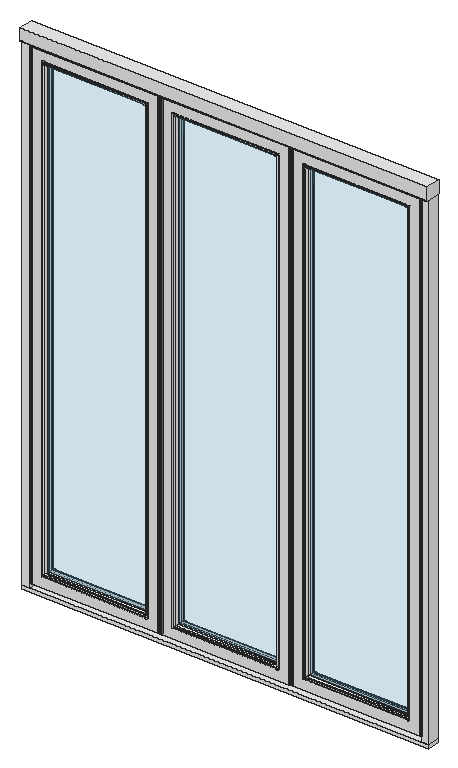
Revit family "98131", category Windows, host Wall, Revit 2018 (continued)
Definition of nested family "Sill_WA-67"
  Definition of nested family "Sill_Nana_Walls-WD-67"
    Lines and regions (in)
      model lines, in view "Ref. Level"
        curve 13: line (0.45276, 0.5315, 0) -> (0.45276, 0.72047, 0)
        curve 14: line (0.45276, 0.72047, 0) -> (0.33517, 0.65354, 0)
        curve 15: line (0.33517, 0.65354, 0) -> (0.05906, 0.65354, 0)
        curve 16: line (0.05906, 0.65354, 0) -> (-0.21706, 0.65354, 0)
        curve 17: line (-0.21706, 0.65354, 0) -> (-0.33465, 0.72047, 0)
        curve 18: line (-0.33465, 0.72047, 0) -> (-0.33465, 0.5315, 0)
        curve 19: line (-0.33465, 0.5315, 0) -> (-0.23622, 0.56774, 0)
        curve 20: line (-0.23622, 0.56774, 0) -> (-0.21706, 0.5748, 0)
        curve 21: line (-0.21706, 0.5748, 0) -> (0.05906, 0.5748, 0)
        curve 22: line (0.05906, 0.5748, 0) -> (0.33517, 0.5748, 0)
        curve 23: line (0.33517, 0.5748, 0) -> (0.35433, 0.56774, 0)
        curve 24: line (0.35433, 0.56774, 0) -> (0.35433, 0.45276, 0)
        curve 25: line (0.35433, 0.45276, 0) -> (0.45276, 0.45276, 0)
        curve 26: line (0.45276, 0.45276, 0) -> (0.45276, 0.33465, 0)
        curve 27: line (0.45276, 0.33465, 0) -> (0.35433, 0.33465, 0)
        curve 28: line (0.35433, 0.33465, 0) -> (0.35433, 0.21966, 0)
        curve 29: line (0.35433, 0.21966, 0) -> (0.33517, 0.2126, 0)
        curve 30: line (0.33517, 0.2126, 0) -> (0.05906, 0.2126, 0)
        curve 31: line (0.05906, 0.2126, 0) -> (-0.21706, 0.2126, 0)
        curve 32: line (-0.21706, 0.2126, 0) -> (-0.23622, 0.21966, 0)
        curve 33: line (-0.23622, 0.21966, 0) -> (-0.33465, 0.25591, 0)
        curve 34: line (-0.33465, 0.25591, 0) -> (-0.33465, 0.06693, 0)
        curve 35: line (-0.33465, 0.06693, 0) -> (-0.21706, 0.13386, 0)
        curve 36: line (-0.21706, 0.13386, 0) -> (0.05906, 0.13386, 0)
        curve 37: line (0.05906, 0.13386, 0) -> (0.33517, 0.13386, 0)
        curve 38: line (0.33517, 0.13386, 0) -> (0.3532, 0.12359, 0)
        curve 39: line (0.3532, 0.12359, 0) -> (0.36402, 0, 0)
        curve 40: line (0.36402, 0, 0) -> (0.5315, 0, 0)
        curve 41: line (0.5315, 0, 0) -> (0.5315, 0.18898, 0)
        curve 42: line (0.5315, 0.18898, 0) -> (0.72835, 0.18898, 0)
        curve 43: line (0.72835, 0.18898, 0) -> (0.72835, 0, 0)
        curve 44: line (0.72835, 0, 0) -> (0.86614, 0, 0)
        curve 45: line (0.86614, 0, 0) -> (0.86614, 0.05906, 0)
        curve 46: line (0.86614, 0.05906, 0) -> (0.7874, 0.05906, 0)
        curve 47: line (0.7874, 0.05906, 0) -> (0.7874, 0.18898, 0)
        curve 48: line (0.7874, 0.18898, 0) -> (1.2874, 0.18898, 0)
        curve 49: line (1.2874, 0.18898, 0) -> (1.2874, 0.05906, 0)
        curve 50: line (1.2874, 0.05906, 0) -> (1.16142, 0.05906, 0)
        curve 51: line (1.16142, 0.05906, 0) -> (1.16142, 0, 0)
        curve 52: line (1.16142, 0, 0) -> (1.35827, 0, 0)
        curve 53: line (1.35827, 0, 0) -> (1.35827, 0.98425, 0)
        curve 54: line (1.35827, 0.98425, 0) -> (0.5315, 0.98425, 0)
        curve 55: line (0.5315, 0.98425, 0) -> (0.5315, 1.47638, 0)
        curve 56: line (0.61024, 1.47638, 0) -> (0.61024, 1.69291, 0)
        curve 57: line (0.45276, 1.69291, 0) -> (0.45276, 0.77633, 0)
        curve 58: line (0.45276, 0.77633, 0) -> (0.37157, 0.78343, 0)
        curve 59: line (0.36304, 0.77628, 0) -> (0.3532, 0.66381, 0)
        curve 60: line (1.2874, 0.25591, 0) -> (1.2874, 0.91732, 0)
        curve 61: line (1.2874, 0.91732, 0) -> (0.5315, 0.91732, 0)
        curve 62: line (0.5315, 0.91732, 0) -> (0.5315, 0.25591, 0)
        curve 63: line (0.5315, 0.25591, 0) -> (1.2874, 0.25591, 0)
        curve 64: line (0.35433, 0.21966, 0) -> (0.45276, 0.25591, 0)
        curve 65: line (0.45276, 0.25591, 0) -> (0.45276, 0.06693, 0)
        curve 66: line (0.45276, 0.06693, 0) -> (0.3532, 0.12359, 0)
        curve 67: line (-0.23509, 0.66381, 0) -> (-0.24493, 0.77628, 0)
        curve 68: line (-0.25346, 0.78343, 0) -> (-0.33465, 0.77633, 0)
        curve 69: line (-0.33465, 0.77633, 0) -> (-0.33465, 1.53543, 0)
        curve 70: line (-0.23509, 0.12359, 0) -> (-0.24591, 0, 0)
        curve 71: line (-0.24591, 0, 0) -> (-0.41339, 0, 0)
        curve 72: line (-0.41339, 0, 0) -> (-0.41339, 0.18898, 0)
        curve 73: line (-0.41339, 0.18898, 0) -> (-0.61024, 0.18898, 0)
        curve 74: line (-0.61024, 0.18898, 0) -> (-0.61024, 0, 0)
        curve 75: line (-0.61024, 0, 0) -> (-0.74803, 0, 0)
        curve 76: line (-0.74803, 0, 0) -> (-0.74803, 0.05906, 0)
        curve 77: line (-0.74803, 0.05906, 0) -> (-0.66929, 0.05906, 0)
        curve 78: line (-0.66929, 0.05906, 0) -> (-0.66929, 0.18898, 0)
        curve 79: line (-0.66929, 0.18898, 0) -> (-1.16929, 0.18898, 0)
        curve 80: line (-1.16929, 0.18898, 0) -> (-1.16929, 0.05906, 0)
        curve 81: line (-1.16929, 0.05906, 0) -> (-1.04331, 0.05906, 0)
        curve 82: line (-1.04331, 0.05906, 0) -> (-1.04331, 0, 0)
        curve 83: line (-1.04331, 0, 0) -> (-1.24016, 0, 0)
        curve 84: line (-1.24016, 0, 0) -> (-1.24016, 0.86614, 0)
        curve 85: line (-1.47638, 1.10236, 0) -> (-1.47638, 2.3622, 0)
        curve 86: line (-1.29921, 2.5, 0) -> (-1.29921, 2.40157, 0)
        curve 87: line (-1.29921, 2.40157, 0) -> (-1.33858, 2.40157, 0)
        curve 88: line (-1.33858, 2.40157, 0) -> (-1.33858, 2.44882, 0)
        curve 89: line (-1.33858, 2.44882, 0) -> (-1.38976, 2.44882, 0)
        curve 90: line (-1.38976, 2.44882, 0) -> (-1.38976, 2.23228, 0)
        curve 91: line (-1.38976, 2.23228, 0) -> (-1.33858, 2.23228, 0)
        curve 92: line (-1.33858, 2.23228, 0) -> (-1.33858, 2.27953, 0)
        curve 93: line (-1.33858, 2.27953, 0) -> (-1.29921, 2.27953, 0)
        curve 94: line (-1.29921, 2.27953, 0) -> (-1.29921, 2.19291, 0)
        curve 95: line (-1.29921, 2.19291, 0) -> (-1.39764, 2.19291, 0)
        curve 96: line (-1.39764, 2.19291, 0) -> (-1.39764, 1.10236, 0)
        curve 97: line (-1.27953, 0.98425, 0) -> (-0.41339, 0.98425, 0)
        curve 98: line (-0.41339, 0.98425, 0) -> (-0.41339, 1.53543, 0)
        curve 99: line (-1.16929, 0.25591, 0) -> (-1.16929, 0.91732, 0)
        curve 100: line (-1.16929, 0.91732, 0) -> (-0.41339, 0.91732, 0)
        curve 101: line (-0.41339, 0.91732, 0) -> (-0.41339, 0.25591, 0)
        curve 102: line (-0.41339, 0.25591, 0) -> (-1.16929, 0.25591, 0)
        curve 327: line (-1.38976, 2.43504, 0) -> (-1.38976, 2.24606, 0)
        curve 333: line (-1.38976, 2.43504, 0) -> (-1.38976, 2.24606, 0)
      model lines, in view "Ref. Level", visible <- "Half"
        curve 103: arc (0.63055, 5.2426, 0) -> (0.52991, 5.28696, 0) -> (0.42258, 5.31099, 0) r 0.56487
        curve 104: arc (0.43939, 5.01883, 0) -> (0.44273, 5.04333, 0) -> (0.4395, 5.06785, 0) r 0.09317
        curve 105: arc (0.55005, 5.01635, 0) -> (0.56716, 5.02197, 0) -> (0.58245, 5.03149, 0) r 0.07522
        curve 106: arc (0.45876, 4.93422, 0) -> (0.54357, 4.94717, 0) -> (0.59055, 5.01894, 0) r 0.10523
        curve 107: arc (0.53717, 5.03321, 0) -> (0.53835, 5.02076, 0) -> (0.55005, 5.01635, 0) r 0.01181
        curve 108: arc (0.43011, 4.9851, 0) -> (0.43396, 4.95376, 0) -> (0.45876, 4.93422, 0) r 0.04145
        curve 109: arc (0.59055, 5.02751, 0) -> (0.58745, 5.03144, 0) -> (0.58245, 5.03149, 0) r 0.0058
        curve 110: arc (0.42126, 5.2029, 0) -> (0.41501, 5.19981, 0) -> (0.41366, 5.19297, 0) r 0.00787
        curve 111: arc (0.42126, 5.0947, 0) -> (0.41501, 5.09161, 0) -> (0.41366, 5.08477, 0) r 0.00787
        curve 112: arc (0.62611, 5.23038, 0) -> (0.63444, 5.23426, 0) -> (0.63055, 5.2426, 0) r 0.0065
        curve 113: arc (0.61697, 5.2337, 0) -> (0.60024, 5.23216, 0) -> (0.59079, 5.21826, 0) r 0.01969
        curve 114: arc (0.5887, 5.15369, 0) -> (0.58982, 5.16208, 0) -> (0.58268, 5.16664, 0) r 0.00787
        curve 115: arc (0.5887, 5.10591, 0) -> (0.58982, 5.11431, 0) -> (0.58268, 5.11886, 0) r 0.00787
        curve 116: arc (0.58972, 5.05969, 0) -> (0.58937, 5.06735, 0) -> (0.58268, 5.07108, 0) r 0.00787
        curve 117: arc (0.42258, 5.31099, 0) -> (0.41618, 5.30924, 0) -> (0.41339, 5.30322, 0) r 0.00787
        curve 118: arc (-0.77559, 4.2126, 0) -> (-0.80343, 4.20107, 0) -> (-0.81496, 4.17323, 0) r 0.03937
        curve 119: arc (-0.374, 4.05512, 0) -> (-0.34844, 4.05792, 0) -> (-0.32409, 4.06618, 0) r 0.11811
        curve 120: arc (-0.64961, 4.09449, 0) -> (-0.64071, 4.06956, 0) -> (-0.61804, 4.0559, 0) r 0.03937
        curve 121: arc (-0.81496, 4.16142, 0) -> (-0.81265, 4.15585, 0) -> (-0.80709, 4.15354, 0) r 0.00787
        curve 122: arc (-0.34252, 4.46063, 0) -> (-0.38051, 4.48986, 0) -> (-0.42376, 4.51052, 0) r 0.22835
        curve 123: arc (-0.25591, 4.39764, 0) -> (-0.25014, 4.38372, 0) -> (-0.23622, 4.37795, 0) r 0.01969
        curve 124: arc (0.00572, 4.21998, 0) -> (0.03885, 4.24903, 0) -> (0.05118, 4.29134, 0) r 0.07874
        curve 125: arc (0.05118, 4.42126, 0) -> (0.03965, 4.4491, 0) -> (0.01181, 4.46063, 0) r 0.03937
        curve 126: arc (-0.23622, 4.46063, 0) -> (-0.25014, 4.45486, 0) -> (-0.25591, 4.44094, 0) r 0.01969
        curve 127: arc (-0.79189, 4.30313, 0) -> (-0.80302, 4.29044, 0) -> (-0.79555, 4.27531, 0) r 0.01519
        curve 128: arc (-0.76969, 4.26037, 0) -> (-0.76575, 4.26037, 0) -> (-0.76378, 4.26378, 0) r 0.00394
        curve 129: arc (-0.62992, 4.33071, 0) -> (-0.64384, 4.32494, 0) -> (-0.64961, 4.31102, 0) r 0.01969
        curve 130: arc (-0.57624, 4.51052, 0) -> (-0.61949, 4.48986, 0) -> (-0.65748, 4.46063, 0) r 0.22835
        curve 131: line (-0.43336, 4.51055, 0) -> (-0.42376, 4.51052, 0)
        curve 132: line (-0.57624, 4.51052, 0) -> (-0.56664, 4.51055, 0)
        curve 133: line (-0.53688, 4.51055, 0) -> (-0.46312, 4.51055, 0)
        curve 134: arc (-1.03543, 2.66732, 0) -> (-1.01237, 2.61165, 0) -> (-0.95669, 2.58858, 0) r 0.07874
        curve 135: arc (-1.0748, 2.97835, 0) -> (-1.04696, 2.98988, 0) -> (-1.03543, 3.01772, 0) r 0.03937
        curve 136: arc (-1.03543, 3.37205, 0) -> (-1.04696, 3.39989, 0) -> (-1.0748, 3.41142, 0) r 0.03937
        curve 137: arc (-1.08276, 3.61599, 0) -> (-1.09198, 3.63826, 0) -> (-1.11425, 3.64749, 0) r 0.0315
        curve 138: arc (-1.16156, 3.44964, 0) -> (-1.13989, 3.4219, 0) -> (-1.1063, 3.41142, 0) r 0.05906
        curve 139: arc (-1.13394, 3.64749, 0) -> (-1.14999, 3.64309, 0) -> (-1.16156, 3.63113, 0) r 0.0315
        curve 140: line (-1.16156, 3.6018, 0) -> (-1.13386, 3.61937, 0)
        curve 141: line (-1.11417, 3.61937, 0) -> (-1.08268, 3.5856, 0)
        curve 142: arc (-1.11417, 2.74213, 0) -> (-1.0919, 2.75135, 0) -> (-1.08268, 2.77362, 0) r 0.0315
        curve 143: arc (-1.16156, 2.75863, 0) -> (-1.14998, 2.74656, 0) -> (-1.13386, 2.74213, 0) r 0.0315
        curve 144: arc (-1.1063, 2.97835, 0) -> (-1.13989, 2.96786, 0) -> (-1.16156, 2.94012, 0) r 0.05906
        curve 145: line (-1.13386, 2.7704, 0) -> (-1.16156, 2.78796, 0)
        curve 146: line (-1.08268, 2.80416, 0) -> (-1.11417, 2.7704, 0)
        curve 147: line (-0.60585, 2.74, 0) -> (-0.5859, 2.72808, 0)
        curve 148: line (-0.5859, 2.72467, 0) -> (-0.60345, 2.71419, 0)
        curve 149: line (-0.5859, 2.72808, 0) -> (-0.73693, 2.75223, 0)
        curve 150: line (-0.60394, 2.715, 0) -> (-0.71698, 2.7403, 0)
        curve 151: line (-0.71698, 2.7403, 0) -> (-0.73693, 2.75223, 0)
        curve 152: line (-0.68911, 2.75591, 0) -> (-0.60585, 2.74, 0)
        curve 153: arc (-0.8189, 2.5374, 0) -> (-0.78091, 2.50817, 0) -> (-0.73766, 2.48751, 0) r 0.22835
        curve 154: line (-0.72654, 2.70669, 0) -> (-0.7189, 2.7113, 0)
        curve 155: line (-0.72806, 2.48749, 0) -> (-0.73766, 2.48751, 0)
        curve 156: line (-0.62454, 2.48749, 0) -> (-0.6983, 2.48749, 0)
        curve 157: arc (-0.58517, 2.48751, 0) -> (-0.54192, 2.50817, 0) -> (-0.50394, 2.5374, 0) r 0.22835
        curve 158: arc (-0.50394, 2.62795, 0) -> (-0.527, 2.68363, 0) -> (-0.58268, 2.70669, 0) r 0.07874
        curve 159: line (-0.58517, 2.48751, 0) -> (-0.59478, 2.48749, 0)
        curve 160: arc (-1.0047, 2.21266, 0) -> (-1.00816, 2.22101, 0) -> (-1.01651, 2.22447, 0) r 0.01181
        curve 161: arc (-1.08344, 2.22447, 0) -> (-1.09179, 2.22101, 0) -> (-1.09525, 2.21266, 0) r 0.01181
        curve 162: arc (-1.15233, 2.2347, 0) -> (-1.15784, 2.22141, 0) -> (-1.14643, 2.21266, 0) r 0.01181
        curve 163: arc (-1.13462, 2.20085, 0) -> (-1.13808, 2.2092, 0) -> (-1.14643, 2.21266, 0) r 0.01181
        curve 164: arc (-1.15498, 2.10608, 0) -> (-1.1422, 2.09755, 0) -> (-1.12714, 2.09455, 0) r 0.03937
        curve 165: arc (-1.1858, 2.16542, 0) -> (-1.19671, 2.15812, 0) -> (-1.19415, 2.14525, 0) r 0.01181
        curve 166: arc (-1.01651, 2.14179, 0) -> (-1.00816, 2.14525, 0) -> (-1.0047, 2.1536, 0) r 0.01181
        curve 167: arc (-1.09525, 2.1536, 0) -> (-1.09179, 2.14525, 0) -> (-1.08344, 2.14179, 0) r 0.01181
        curve 168: arc (-0.95351, 2.21266, 0) -> (-0.94211, 2.22141, 0) -> (-0.94761, 2.2347, 0) r 0.01181
        curve 169: arc (-0.95351, 2.21266, 0) -> (-0.96187, 2.2092, 0) -> (-0.96533, 2.20085, 0) r 0.01181
        curve 170: arc (-0.86626, 2.16542, 0) -> (-0.64173, 2.24468, 0) -> (-0.5321, 2.45606, 0) r 0.32382
        curve 171: arc (-0.73544, 2.10876, 0) -> (-0.56333, 2.24462, 0) -> (-0.49213, 2.452, 0) r 0.38872
        curve 172: arc (-0.49213, 2.46162, 0) -> (-0.51396, 2.47212, 0) -> (-0.5321, 2.45606, 0) r 0.02189
        curve 173: arc (0.57087, 2.4516, 0) -> (0.57395, 2.44535, 0) -> (0.58078, 2.44399, 0) r 0.00787
        curve 174: arc (0.5767, 2.48366, 0) -> (0.57249, 2.48085, 0) -> (0.57087, 2.47605, 0) r 0.00787
        curve 175: arc (0.72835, 2.47327, 0) -> (0.72527, 2.47952, 0) -> (0.71843, 2.48088, 0) r 0.00787
        curve 176: arc (0.72251, 2.44121, 0) -> (0.72672, 2.44402, 0) -> (0.72835, 2.44881, 0) r 0.00787
        curve 177: arc (0.76772, 2.5, 0) -> (0.76195, 2.51392, 0) -> (0.74803, 2.51969, 0) r 0.01969
        curve 178: arc (0.59055, 2.28346, 0) -> (0.57663, 2.2777, 0) -> (0.57087, 2.26378, 0) r 0.01969
        curve 179: arc (0.57087, 2.37008, 0) -> (0.57395, 2.36383, 0) -> (0.58078, 2.36247, 0) r 0.00787
        curve 180: arc (0.5767, 2.40214, 0) -> (0.57249, 2.39933, 0) -> (0.57087, 2.39453, 0) r 0.00787
        curve 181: arc (0.57087, 2.18504, 0) -> (0.57663, 2.17112, 0) -> (0.59055, 2.16535, 0) r 0.01969
        curve 182: arc (0.70866, 2.28346, 0) -> (0.72258, 2.28923, 0) -> (0.72835, 2.30315, 0) r 0.01969
        curve 183: arc (0.72835, 2.39175, 0) -> (0.72527, 2.398, 0) -> (0.71843, 2.39936, 0) r 0.00787
        curve 184: arc (0.62992, 1.60433, 0) -> (0.62008, 1.61417, 0) -> (0.61024, 1.60433, 0) r 0.00984
        curve 185: arc (0.63756, 1.57739, 0) -> (0.65519, 1.71702, 0) -> (0.61024, 1.85039, 0) r 0.31496
        curve 186: arc (0.66713, 1.56656, 0) -> (0.68825, 1.68566, 0) -> (0.66713, 1.80476, 0) r 0.34646
        curve 187: arc (0.67336, 1.80913, 0) -> (0.66857, 1.80934, 0) -> (0.66713, 1.80476, 0) r 0.00394
        curve 188: arc (0.63386, 1.54331, 0) -> (0.65415, 1.5497, 0) -> (0.66713, 1.56656, 0) r 0.03543
        curve 189: arc (0.62992, 1.57874, 0) -> (0.63317, 1.57486, 0) -> (0.63756, 1.57739, 0) r 0.00394
        curve 190: arc (0.61024, 1.46457, 0) -> (0.61445, 1.45759, 0) -> (0.62258, 1.45809, 0) r 0.00787
        curve 191: arc (0.75537, 1.45809, 0) -> (0.7635, 1.45759, 0) -> (0.76772, 1.46457, 0) r 0.00787
        curve 192: arc (-0.63126, 5.12529, 0) -> (-0.6159, 5.13978, 0) -> (-0.61024, 5.16012, 0) r 0.03937
        curve 193: arc (-0.85911, 5.14252, 0) -> (-0.86607, 5.12573, 0) -> (-0.8563, 5.1104, 0) r 0.01969
        curve 194: arc (-0.80709, 5.16929, 0) -> (-0.81163, 5.17643, 0) -> (-0.82002, 5.17532, 0) r 0.00787
        curve 195: arc (-0.66317, 5.29528, 0) -> (-0.66951, 5.29476, 0) -> (-0.67568, 5.29323, 0) r 0.03937
        curve 196: arc (-0.76143, 5.24228, 0) -> (-0.76608, 5.23573, 0) -> (-0.76772, 5.22786, 0) r 0.01969
        curve 197: arc (-0.67568, 5.29323, 0) -> (-0.72128, 5.27234, 0) -> (-0.76143, 5.24228, 0) r 0.23622
        curve 198: arc (-0.61024, 5.27559, 0) -> (-0.616, 5.28951, 0) -> (-0.62992, 5.29528, 0) r 0.01969
        curve 199: arc (-0.8563, 5.00771, 0) -> (-0.86607, 4.99238, 0) -> (-0.85911, 4.97559, 0) r 0.01969
        curve 200: arc (-0.80709, 5.07062, 0) -> (-0.80972, 5.08046, 0) -> (-0.81693, 5.08767, 0) r 0.01969
        curve 201: arc (-0.81693, 5.03044, 0) -> (-0.80972, 5.03765, 0) -> (-0.80709, 5.04749, 0) r 0.01969
        curve 202: arc (-0.82002, 4.94279, 0) -> (-0.81163, 4.94168, 0) -> (-0.80709, 4.94882, 0) r 0.00787
        curve 203: arc (-0.71118, 5.1, 0) -> (-0.67009, 5.10907, 0) -> (-0.63126, 5.12529, 0) r 0.23622
        curve 204: arc (-0.74803, 4.94094, 0) -> (-0.73411, 4.94671, 0) -> (-0.72835, 4.96063, 0) r 0.01969
        curve 205: arc (-0.71118, 5.1, 0) -> (-0.72344, 5.09348, 0) -> (-0.72835, 5.08048, 0) r 0.01969
        curve 206: line (0.41366, 5.30117, 0) -> (0.44021, 5.2029, 0)
        curve 207: line (0.44021, 5.2029, 0) -> (0.42126, 5.2029, 0)
        curve 208: line (0.53717, 5.03321, 0) -> (0.58972, 5.05969, 0)
        curve 209: line (0.43939, 5.01883, 0) -> (0.43011, 4.9851, 0)
        curve 210: line (0.59055, 5.01894, 0) -> (0.59055, 5.02751, 0)
        curve 211: line (0.58268, 5.11886, 0) -> (0.55933, 5.11886, 0)
        curve 212: line (0.55933, 5.11886, 0) -> (0.5887, 5.15369, 0)
        curve 213: line (0.58268, 5.07108, 0) -> (0.55933, 5.07108, 0)
        curve 214: line (0.55933, 5.07108, 0) -> (0.5887, 5.10591, 0)
        curve 215: line (0.41366, 5.08477, 0) -> (0.4395, 5.06785, 0)
        curve 216: line (0.41366, 5.19297, 0) -> (0.44021, 5.0947, 0)
        curve 217: line (0.44021, 5.0947, 0) -> (0.42126, 5.0947, 0)
        curve 218: line (0.61697, 5.2337, 0) -> (0.62611, 5.23038, 0)
        curve 219: line (0.59079, 5.21826, 0) -> (0.58268, 5.16664, 0)
        curve 220: line (-0.64961, 4.09449, 0) -> (-0.64961, 4.31102, 0)
        curve 221: line (0.00572, 4.21998, 0) -> (-0.32409, 4.06618, 0)
        curve 222: line (-0.61804, 4.0559, 0) -> (-0.374, 4.05512, 0)
        curve 223: line (-0.81496, 4.17323, 0) -> (-0.81496, 4.16142, 0)
        curve 224: line (-0.64961, 4.15354, 0) -> (-0.80709, 4.15354, 0)
        curve 225: line (-0.65748, 4.40945, 0) -> (-0.34252, 4.40945, 0)
        curve 226: line (-0.34252, 4.40945, 0) -> (-0.34252, 4.46063, 0)
        curve 227: line (-0.34252, 4.46063, 0) -> (-0.65748, 4.46063, 0)
        curve 228: line (-0.65748, 4.46063, 0) -> (-0.65748, 4.40945, 0)
        curve 229: line (-0.79189, 4.30313, 0) -> (-0.68898, 4.33071, 0)
        curve 230: line (-0.68898, 4.33071, 0) -> (-0.17717, 4.33071, 0)
        curve 231: line (-0.17717, 4.33071, 0) -> (-0.17717, 4.37795, 0)
        curve 232: line (-0.17717, 4.37795, 0) -> (-0.23622, 4.37795, 0)
        curve 233: line (0.05118, 4.29134, 0) -> (0.05118, 4.42126, 0)
        curve 234: line (-0.23622, 4.46063, 0) -> (0.01181, 4.46063, 0)
        curve 235: line (-0.25591, 4.39764, 0) -> (-0.25591, 4.44094, 0)
        curve 236: line (-0.76378, 4.26378, 0) -> (-0.76378, 4.28346, 0)
        curve 237: line (-0.76378, 4.28346, 0) -> (-0.68898, 4.28346, 0)
        curve 238: line (-0.68898, 4.28346, 0) -> (-0.68898, 4.2126, 0)
        curve 239: line (-0.68898, 4.2126, 0) -> (-0.77559, 4.2126, 0)
        curve 240: line (-0.76969, 4.26037, 0) -> (-0.79555, 4.27531, 0)
        curve 241: line (-0.46312, 4.51055, 0) -> (-0.46186, 4.51716, 0)
        curve 242: line (-0.46186, 4.51716, 0) -> (-0.45304, 4.51552, 0)
        curve 243: line (-0.45304, 4.51552, 0) -> (-0.44356, 4.51335, 0)
        curve 244: line (-0.44356, 4.51335, 0) -> (-0.43336, 4.51055, 0)
        curve 245: line (-1.08268, 3.61614, 0) -> (-1.08268, 3.49016, 0)
        curve 246: line (-1.08268, 3.49016, 0) -> (-0.86614, 3.49016, 0)
        curve 247: line (-0.86614, 3.49016, 0) -> (-0.86614, 2.70669, 0)
        curve 248: line (-1.03543, 2.70669, 0) -> (-0.58268, 2.70669, 0)
        curve 249: line (-1.03543, 3.37205, 0) -> (-1.03543, 3.01772, 0)
        curve 250: line (-1.03543, 3.09646, 0) -> (-1.16929, 3.09646, 0)
        curve 251: line (-1.16929, 3.09646, 0) -> (-1.16929, 3.29331, 0)
        curve 252: line (-1.16929, 3.29331, 0) -> (-1.03543, 3.29331, 0)
        curve 253: line (-1.16156, 3.44964, 0) -> (-1.16156, 3.63113, 0)
        curve 254: line (-1.11425, 3.64749, 0) -> (-1.13394, 3.64749, 0)
        curve 255: line (-1.11417, 3.61937, 0) -> (-1.13386, 3.61937, 0)
        curve 256: line (-1.0748, 3.41142, 0) -> (-1.1063, 3.41142, 0)
        curve 257: line (-1.0748, 2.97835, 0) -> (-1.1063, 2.97835, 0)
        curve 258: line (-1.16156, 2.94012, 0) -> (-1.16156, 2.75863, 0)
        curve 259: line (-1.03543, 2.66732, 0) -> (-1.03543, 2.73819, 0)
        curve 260: line (-1.03543, 2.73819, 0) -> (-1.03543, 2.8563, 0)
        curve 261: line (-1.03543, 2.8563, 0) -> (-1.03543, 2.89961, 0)
        curve 262: line (-1.03543, 2.89961, 0) -> (-1.08268, 2.89961, 0)
        curve 263: line (-1.08268, 2.89961, 0) -> (-1.08268, 2.77362, 0)
        curve 264: line (-1.11417, 2.74213, 0) -> (-1.13386, 2.74213, 0)
        curve 265: line (-1.11417, 2.7704, 0) -> (-1.13386, 2.7704, 0)
        curve 266: line (-0.8189, 2.58858, 0) -> (-0.8189, 2.5374, 0)
        curve 267: line (-0.8189, 2.5374, 0) -> (-0.50394, 2.5374, 0)
        curve 268: line (-0.50394, 2.5374, 0) -> (-0.50394, 2.58858, 0)
        curve 269: line (-0.50394, 2.62795, 0) -> (-0.50394, 2.58858, 0)
        curve 270: line (-0.50394, 2.58858, 0) -> (-0.95669, 2.58858, 0)
        curve 271: line (-0.7189, 2.7113, 0) -> (-0.7189, 2.74145, 0)
        curve 272: line (-0.60394, 2.73886, 0) -> (-0.60394, 2.75591, 0)
        curve 273: line (-0.60394, 2.70669, 0) -> (-0.60394, 2.715, 0)
        curve 274: line (-0.6983, 2.48749, 0) -> (-0.69956, 2.48087, 0)
        curve 275: line (-0.69956, 2.48087, 0) -> (-0.70841, 2.48252, 0)
        curve 276: line (-0.70841, 2.48252, 0) -> (-0.71789, 2.48469, 0)
        curve 277: line (-0.71789, 2.48469, 0) -> (-0.72806, 2.48749, 0)
        curve 278: line (-0.73544, 2.10876, 0) -> (-0.96771, 2.09455, 0)
        curve 279: line (-0.96771, 2.09455, 0) -> (-1.12714, 2.09455, 0)
        curve 280: line (-1.15498, 2.10608, 0) -> (-1.19415, 2.14525, 0)
        curve 281: line (-1.1858, 2.16542, 0) -> (-1.13462, 2.16542, 0)
        curve 282: line (-1.13462, 2.16542, 0) -> (-1.13462, 2.20085, 0)
        curve 283: line (-1.01651, 2.22447, 0) -> (-1.08344, 2.22447, 0)
        curve 284: line (-1.08344, 2.14179, 0) -> (-1.01651, 2.14179, 0)
        curve 285: line (-1.09525, 2.21266, 0) -> (-1.09525, 2.1536, 0)
        curve 286: line (-1.0047, 2.1536, 0) -> (-1.0047, 2.21266, 0)
        curve 287: line (-0.94761, 2.2347, 0) -> (-0.99808, 2.26384, 0)
        curve 288: line (-0.99808, 2.26384, 0) -> (-1.10186, 2.26384, 0)
        curve 289: line (-1.10186, 2.26384, 0) -> (-1.15233, 2.2347, 0)
        curve 290: line (-0.96533, 2.20085, 0) -> (-0.96533, 2.16542, 0)
        curve 291: line (-0.96533, 2.16542, 0) -> (-0.86626, 2.16542, 0)
        curve 292: line (0.74803, 2.51969, 0) -> (0.71116, 2.51969, 0)
        curve 293: line (0.71116, 2.51969, 0) -> (0.5767, 2.48366, 0)
        curve 294: line (0.58078, 2.44399, 0) -> (0.71843, 2.48088, 0)
        curve 295: line (0.57087, 2.4516, 0) -> (0.57087, 2.47605, 0)
        curve 296: line (0.72835, 2.47327, 0) -> (0.72835, 2.44881, 0)
        curve 297: line (0.70866, 2.28346, 0) -> (0.59055, 2.28346, 0)
        curve 298: line (0.72835, 2.20472, 0) -> (0.61024, 2.20472, 0)
        curve 299: line (0.61024, 2.20472, 0) -> (0.61024, 2.24409, 0)
        curve 300: line (0.61024, 2.24409, 0) -> (0.72835, 2.24409, 0)
        curve 301: line (0.72835, 2.24409, 0) -> (0.72835, 2.20472, 0)
        curve 302: line (0.72251, 2.44121, 0) -> (0.5767, 2.40214, 0)
        curve 303: line (0.58078, 2.36247, 0) -> (0.71843, 2.39936, 0)
        curve 304: line (0.57087, 2.37008, 0) -> (0.57087, 2.39453, 0)
        curve 305: line (0.57087, 2.18504, 0) -> (0.57087, 2.26378, 0)
        curve 306: line (0.61024, 1.85039, 0) -> (0.61024, 2.16535, 0)
        curve 307: line (0.61024, 2.16535, 0) -> (0.59055, 2.16535, 0)
        curve 308: line (0.72835, 2.39175, 0) -> (0.72835, 2.30315, 0)
        curve 309: line (0.64961, 2.04724, 0) -> (0.64961, 2.16535, 0)
        curve 310: line (0.64961, 2.16535, 0) -> (0.72835, 2.16535, 0)
        curve 311: line (0.72835, 2.16535, 0) -> (0.72835, 2.04724, 0)
        curve 312: line (0.72835, 2.04724, 0) -> (0.64961, 2.04724, 0)
        curve 313: line (0.64961, 1.85476, 0) -> (0.64961, 2.02756, 0)
        curve 314: line (0.64961, 2.02756, 0) -> (0.72835, 2.02756, 0)
        curve 315: line (0.72835, 2.02756, 0) -> (0.72835, 1.78869, 0)
        curve 316: line (0.72835, 1.78869, 0) -> (0.64961, 1.85476, 0)
        curve 317: line (0.61024, 1.46457, 0) -> (0.61024, 1.60433, 0)
        curve 318: line (0.62992, 1.60433, 0) -> (0.62992, 1.57874, 0)
        curve 319: line (0.67336, 1.80913, 0) -> (0.72835, 1.76299, 0)
        curve 320: line (0.72835, 1.76299, 0) -> (0.72835, 1.50067, 0)
        curve 321: line (0.72835, 1.50067, 0) -> (0.67913, 1.52786, 0)
        curve 322: line (0.67913, 1.52786, 0) -> (0.63386, 1.4898, 0)
        curve 323: line (0.63386, 1.4898, 0) -> (0.63386, 1.54331, 0)
        curve 324: line (0.75537, 1.45809, 0) -> (0.67913, 1.50394, 0)
        curve 325: line (0.67913, 1.50394, 0) -> (0.62258, 1.45809, 0)
        curve 326: line (0.76772, 2.5, 0) -> (0.76772, 1.46457, 0)
        curve 328: line (-1.38976, 2.24606, 0) -> (-1.35039, 2.24606, 0)
        curve 329: line (-1.35039, 2.24606, 0) -> (-1.35039, 2.43504, 0)
        curve 330: line (-1.35039, 2.43504, 0) -> (-1.38976, 2.43504, 0)
        curve 331: line (-1.35039, 2.24606, 0) -> (-1.35039, 2.43504, 0)
        curve 332: line (-1.35039, 2.43504, 0) -> (-1.38976, 2.43504, 0)
        curve 334: line (-1.38976, 2.24606, 0) -> (-1.35039, 2.24606, 0)
        curve 335: line (-1.23228, 2.40135, 0) -> (-1.35039, 2.38053, 0)
        curve 336: line (-1.35039, 2.38053, 0) -> (-1.23228, 2.40135, 0)
        curve 337: line (-1.23228, 2.38137, 0) -> (-1.35039, 2.36054, 0)
        curve 338: line (-1.35039, 2.36054, 0) -> (-1.23228, 2.38137, 0)
        curve 339: line (-1.23228, 2.36138, 0) -> (-1.35039, 2.34055, 0)
        curve 340: line (-1.35039, 2.34055, 0) -> (-1.23228, 2.31973, 0)
        curve 341: line (-1.23228, 2.31973, 0) -> (-1.35039, 2.34055, 0)
        curve 342: line (-1.35039, 2.34055, 0) -> (-1.23228, 2.34055, 0)
        curve 343: line (-1.23228, 2.34055, 0) -> (-1.35039, 2.34055, 0)
        curve 344: line (-1.35039, 2.34055, 0) -> (-1.23228, 2.36138, 0)
        curve 345: line (-1.23228, 2.29974, 0) -> (-1.35039, 2.32056, 0)
        curve 346: line (-1.35039, 2.32056, 0) -> (-1.23228, 2.29974, 0)
        curve 347: line (-1.23228, 2.27975, 0) -> (-1.35039, 2.30057, 0)
        curve 348: line (-1.35039, 2.30057, 0) -> (-1.23228, 2.27975, 0)
        curve 349: line (-0.80709, 5.16929, 0) -> (-0.80709, 5.1378, 0)
        curve 350: line (-0.80709, 5.1378, 0) -> (-0.76772, 5.1378, 0)
        curve 351: line (-0.76772, 5.1378, 0) -> (-0.80709, 5.1378, 0)
        curve 352: line (-0.82002, 5.17532, 0) -> (-0.85911, 5.14252, 0)
        curve 353: line (-0.62992, 5.29528, 0) -> (-0.66317, 5.29528, 0)
        curve 354: line (-0.76772, 5.22786, 0) -> (-0.76772, 5.1378, 0)
        curve 355: line (-0.61024, 5.16012, 0) -> (-0.61024, 5.27559, 0)
        curve 356: line (-0.81693, 5.03044, 0) -> (-0.8563, 5.00771, 0)
        curve 357: line (-0.80709, 4.94882, 0) -> (-0.80709, 4.98031, 0)
        curve 358: line (-0.80709, 5.07062, 0) -> (-0.80709, 5.04749, 0)
        curve 359: line (-0.85911, 4.97559, 0) -> (-0.82002, 4.94279, 0)
        curve 360: line (-0.8563, 5.1104, 0) -> (-0.81693, 5.08767, 0)
        curve 361: line (-0.76772, 4.98031, 0) -> (-0.80709, 4.98031, 0)
        curve 362: line (-0.80709, 4.98031, 0) -> (-0.76772, 4.98031, 0)
        curve 363: line (-0.76772, 4.98031, 0) -> (-0.76772, 4.94094, 0)
        curve 364: line (-0.76772, 4.94094, 0) -> (-0.74803, 4.94094, 0)
        curve 365: line (-0.72835, 4.96063, 0) -> (-0.72835, 5.08048, 0)
        curve 366: line (-0.59478, 2.48749, 0) -> (-0.60495, 2.48469, 0)
        curve 367: line (-0.60495, 2.48469, 0) -> (-0.61443, 2.48252, 0)
        curve 368: line (-0.61443, 2.48252, 0) -> (-0.62328, 2.48087, 0)
        curve 369: line (-0.62328, 2.48087, 0) -> (-0.62454, 2.48749, 0)
        curve 370: line (-0.56664, 4.51055, 0) -> (-0.55644, 4.51335, 0)
        curve 371: line (-0.55644, 4.51335, 0) -> (-0.54696, 4.51552, 0)
        curve 372: line (-0.54696, 4.51552, 0) -> (-0.53814, 4.51716, 0)
        curve 373: line (-0.53814, 4.51716, 0) -> (-0.53688, 4.51055, 0)
        curve 374: line (-1.24016, 4.52756, 0) -> (1.35827, 4.52756, 0)
        curve 375: line (1.35827, 4.52756, 0) -> (1.35827, 1.45669, 0)
        curve 376: line (1.35827, 1.45669, 0) -> (-1.24016, 1.45669, 0)
        curve 377: line (-1.24016, 1.45669, 0) -> (-1.24016, 4.52756, 0)
        curve 378: arc (-0.96457, 2.18504, 0) -> (-0.9588, 2.17112, 0) -> (-0.94488, 2.16535, 0) r 0.01969
        curve 379: arc (-1.15987, 2.16542, 0) -> (-1.14696, 2.17168, 0) -> (-1.14173, 2.18504, 0) r 0.01969
        curve 380: arc (-1.1811, 2.35433, 0) -> (-1.19502, 2.34857, 0) -> (-1.20079, 2.33465, 0) r 0.01969
        curve 381: arc (-1.15551, 2.27559, 0) -> (-1.16128, 2.28951, 0) -> (-1.1752, 2.29528, 0) r 0.01969
        curve 382: arc (-0.86614, 2.35433, 0) -> (-0.88574, 2.40166, 0) -> (-0.93307, 2.42126, 0) r 0.06693
        curve 383: arc (-0.90551, 2.33465, 0) -> (-0.91128, 2.34857, 0) -> (-0.9252, 2.35433, 0) r 0.01969
        curve 384: arc (-0.9311, 2.29528, 0) -> (-0.94502, 2.28951, 0) -> (-0.95079, 2.27559, 0) r 0.01969
        curve 385: arc (-1.10236, 2.67717, 0) -> (-1.0606, 2.69446, 0) -> (-1.04331, 2.73622, 0) r 0.05906
        curve 386: arc (-1.06299, 4.52756, 0) -> (-1.07691, 4.52179, 0) -> (-1.08268, 4.50787, 0) r 0.01969
        curve 387: arc (-0.98425, 4.48819, 0) -> (-0.96457, 4.50787, 0) -> (-0.98425, 4.52756, 0) r 0.01969
        curve 388: arc (-0.84646, 4.25984, 0) -> (-0.83493, 4.232, 0) -> (-0.80709, 4.22047, 0) r 0.03937
        curve 389: arc (-0.70912, 4.22047, 0) -> (-0.68966, 4.2354, 0) -> (-0.69905, 4.25807, 0) r 0.02015
        curve 390: arc (-0.25591, 4.52756, 0) -> (-0.29766, 4.51026, 0) -> (-0.31496, 4.4685, 0) r 0.05906
        curve 391: arc (-0.19685, 4.33858, 0) -> (-0.17717, 4.35827, 0) -> (-0.19685, 4.37795, 0) r 0.01969
        curve 392: arc (-1.04331, 3.65354, 0) -> (-1.0606, 3.6953, 0) -> (-1.10236, 3.7126, 0) r 0.05906
        curve 393: arc (-0.8189, 4.88976, 0) -> (-0.78271, 4.90475, 0) -> (-0.76772, 4.94094, 0) r 0.05118
        curve 394: arc (-0.94488, 4.94882, 0) -> (-0.92759, 4.90706, 0) -> (-0.88583, 4.88976, 0) r 0.05906
        curve 395: arc (-0.96457, 5.16535, 0) -> (-1.10933, 5.10539, 0) -> (-1.16929, 4.96063, 0) r 0.20472
        curve 396: arc (-0.96457, 5.23622, 0) -> (-1.15944, 5.1555, 0) -> (-1.24016, 4.96063, 0) r 0.27559
        curve 397: arc (-0.94488, 5.15748, 0) -> (-0.94719, 5.16305, 0) -> (-0.95276, 5.16535, 0) r 0.00787
        curve 398: arc (-1.04331, 4.83465, 0) -> (-1.0606, 4.8764, 0) -> (-1.10236, 4.8937, 0) r 0.05906
        curve 399: arc (-0.86614, 2.85433, 0) -> (-0.83731, 2.78473, 0) -> (-0.76772, 2.75591, 0) r 0.09843
        curve 400: arc (0.76772, 1.55512, 0) -> (0.79654, 1.48552, 0) -> (0.86614, 1.45669, 0) r 0.09843
        curve 401: arc (1.25984, 1.45669, 0) -> (1.32944, 1.48552, 0) -> (1.35827, 1.55512, 0) r 0.09843
        curve 402: arc (1.35827, 4.44882, 0) -> (1.33521, 4.5045, 0) -> (1.27953, 4.52756, 0) r 0.07874
        curve 403: arc (1.35827, 4.44882, 0) -> (1.33521, 4.5045, 0) -> (1.27953, 4.52756, 0) r 0.07874
        curve 404: arc (0.8887, 4.51129, 0) -> (0.88196, 4.52295, 0) -> (0.86931, 4.52756, 0) r 0.01969
        curve 405: arc (0.90031, 4.4454, 0) -> (0.90705, 4.43374, 0) -> (0.9197, 4.42913, 0) r 0.01969
        curve 406: arc (1.07951, 4.52756, 0) -> (1.06686, 4.52295, 0) -> (1.06012, 4.51129, 0) r 0.01969
        curve 407: arc (1.02912, 4.42913, 0) -> (1.04177, 4.43374, 0) -> (1.04851, 4.4454, 0) r 0.01969
        curve 408: line (-0.94488, 2.16535, 0) -> (-0.86614, 2.16535, 0)
        curve 409: line (-0.86614, 2.16535, 0) -> (-0.86614, 2.35433, 0)
        curve 410: line (-1.24016, 4.96063, 0) -> (-1.24016, 2.16535, 0)
        curve 411: line (-1.24016, 2.16535, 0) -> (-1.16142, 2.16535, 0)
        curve 412: line (-0.93307, 2.42126, 0) -> (-1.16929, 2.42126, 0)
        curve 413: line (-1.16929, 2.42126, 0) -> (-1.16929, 2.67717, 0)
        curve 414: line (-1.16929, 2.67717, 0) -> (-1.10236, 2.67717, 0)
        curve 415: line (-1.1811, 2.35433, 0) -> (-0.9252, 2.35433, 0)
        curve 416: line (-1.14173, 2.18504, 0) -> (-1.14173, 2.20472, 0)
        curve 417: line (-1.14173, 2.20472, 0) -> (-1.20079, 2.20472, 0)
        curve 418: line (-1.20079, 2.20472, 0) -> (-1.20079, 2.25591, 0)
        curve 419: line (-1.20079, 2.25591, 0) -> (-1.15551, 2.25591, 0)
        curve 420: line (-1.15551, 2.25591, 0) -> (-1.15551, 2.27559, 0)
        curve 421: line (-1.1752, 2.29528, 0) -> (-1.20079, 2.29528, 0)
        curve 422: line (-1.20079, 2.29528, 0) -> (-1.20079, 2.33465, 0)
        curve 423: line (-0.95079, 2.27559, 0) -> (-0.95079, 2.25591, 0)
        curve 424: line (-0.95079, 2.25591, 0) -> (-0.90551, 2.25591, 0)
        curve 425: line (-0.90551, 2.25591, 0) -> (-0.90551, 2.20472, 0)
        curve 426: line (-0.90551, 2.20472, 0) -> (-0.96457, 2.20472, 0)
        curve 427: line (-0.96457, 2.20472, 0) -> (-0.96457, 2.18504, 0)
        curve 428: line (-0.90551, 2.33465, 0) -> (-0.90551, 2.29528, 0)
        curve 429: line (-0.90551, 2.29528, 0) -> (-0.9311, 2.29528, 0)
        curve 430: line (-1.10236, 3.7126, 0) -> (-1.16929, 3.7126, 0)
        curve 431: line (-1.16929, 3.7126, 0) -> (-1.16929, 4.33858, 0)
        curve 432: line (-1.16929, 4.33858, 0) -> (-0.84646, 4.33858, 0)
        curve 433: line (-0.84646, 4.33858, 0) -> (-0.84646, 4.25984, 0)
        curve 434: line (-0.70912, 4.22047, 0) -> (-0.80709, 4.22047, 0)
        curve 435: line (-0.19685, 4.33858, 0) -> (-0.80709, 4.33858, 0)
        curve 436: line (-0.80709, 4.33858, 0) -> (-0.80709, 4.25984, 0)
        curve 437: line (-0.80709, 4.25984, 0) -> (-0.74803, 4.25984, 0)
        curve 438: line (-0.74803, 4.25984, 0) -> (-0.74803, 4.27953, 0)
        curve 439: line (-1.06299, 4.52756, 0) -> (-0.98425, 4.52756, 0)
        curve 440: line (-0.98425, 4.48819, 0) -> (-1.04331, 4.48819, 0)
        curve 441: line (-1.04331, 4.48819, 0) -> (-1.04331, 4.40945, 0)
        curve 442: line (-1.04331, 4.40945, 0) -> (-0.51258, 4.40945, 0)
        curve 443: line (-0.51258, 4.40945, 0) -> (-0.49213, 4.39764, 0)
        curve 444: line (-0.49213, 4.39764, 0) -> (-0.47167, 4.40945, 0)
        curve 445: line (-0.47167, 4.40945, 0) -> (-0.31496, 4.40945, 0)
        curve 446: line (-0.74304, 4.28346, 0) -> (-0.69905, 4.25807, 0)
        curve 447: line (-0.31496, 4.40945, 0) -> (-0.31496, 4.4685, 0)
        curve 448: line (-0.25591, 4.52756, 0) -> (-0.17717, 4.52756, 0)
        curve 449: line (-0.17717, 4.52756, 0) -> (-0.17717, 4.4685, 0)
        curve 450: line (-0.17717, 4.4685, 0) -> (-0.25591, 4.4685, 0)
        curve 451: line (-0.25591, 4.4685, 0) -> (-0.25591, 4.37795, 0)
        curve 452: line (-0.25591, 4.37795, 0) -> (-0.19685, 4.37795, 0)
        curve 453: line (-1.04331, 3.65354, 0) -> (-1.04331, 3.53543, 0)
        curve 454: line (-1.04331, 3.53543, 0) -> (-1.08268, 3.53543, 0)
        curve 455: line (-1.08268, 3.53543, 0) -> (-1.08268, 3.65354, 0)
        curve 456: line (-1.08268, 3.65354, 0) -> (-1.16929, 3.65354, 0)
        curve 457: line (-1.16929, 3.65354, 0) -> (-1.16929, 2.73622, 0)
        curve 458: line (-1.16929, 2.73622, 0) -> (-1.08268, 2.73622, 0)
        curve 459: line (-1.08268, 2.73622, 0) -> (-1.08268, 2.85433, 0)
        curve 460: line (-1.08268, 2.85433, 0) -> (-1.04331, 2.85433, 0)
        curve 461: line (-1.04331, 2.85433, 0) -> (-1.04331, 2.73622, 0)
        curve 462: line (-0.76772, 4.94094, 0) -> (-0.76772, 4.98031, 0)
        curve 463: line (-0.76772, 4.98031, 0) -> (-0.80709, 4.98031, 0)
        curve 464: line (-0.80709, 4.98031, 0) -> (-0.76772, 4.98031, 0)
        curve 465: line (-0.76772, 4.98031, 0) -> (-0.76772, 4.94094, 0)
        curve 466: line (-0.76772, 5.22786, 0) -> (-0.76772, 5.1378, 0)
        curve 467: line (-0.76772, 5.1378, 0) -> (-0.76772, 5.23622, 0)
        curve 468: line (-0.76772, 5.23622, 0) -> (-0.96457, 5.23622, 0)
        curve 469: line (-1.10236, 4.8937, 0) -> (-1.16929, 4.8937, 0)
        curve 470: line (-1.16929, 4.8937, 0) -> (-1.16929, 4.96063, 0)
        curve 471: line (-0.96457, 5.16535, 0) -> (-0.95276, 5.16535, 0)
        curve 472: line (-0.94488, 5.15748, 0) -> (-0.94488, 4.94882, 0)
        curve 473: line (-0.80709, 4.94882, 0) -> (-0.80709, 4.98031, 0)
        curve 474: line (-0.80709, 4.98031, 0) -> (-0.80709, 4.94094, 0)
        curve 475: line (-0.80709, 4.94094, 0) -> (-0.88583, 4.94094, 0)
        curve 476: line (-0.88583, 4.94094, 0) -> (-0.88583, 5.17717, 0)
        curve 477: line (-0.88583, 5.17717, 0) -> (-0.80709, 5.17717, 0)
        curve 478: line (-0.80709, 5.17717, 0) -> (-0.80709, 5.1378, 0)
        curve 479: line (-0.80709, 5.1378, 0) -> (-0.76772, 5.1378, 0)
        curve 480: line (-0.76772, 5.1378, 0) -> (-0.80709, 5.1378, 0)
        curve 481: line (-0.80709, 5.1378, 0) -> (-0.80709, 5.16929, 0)
        curve 482: line (-1.04331, 4.83465, 0) -> (-1.04331, 4.75591, 0)
        curve 483: line (-1.04331, 4.75591, 0) -> (-1.08268, 4.75591, 0)
        curve 484: line (-1.08268, 4.75591, 0) -> (-1.08268, 4.83465, 0)
        curve 485: line (-1.08268, 4.83465, 0) -> (-1.16929, 4.83465, 0)
        curve 486: line (-1.16929, 4.83465, 0) -> (-1.16929, 4.42913, 0)
        curve 487: line (-1.16929, 4.42913, 0) -> (-1.08268, 4.42913, 0)
        curve 488: line (-1.08268, 4.42913, 0) -> (-1.08268, 4.50787, 0)
        curve 489: line (-0.88583, 4.88976, 0) -> (-0.8189, 4.88976, 0)
        curve 490: line (1.35827, 1.55512, 0) -> (1.35827, 4.44882, 0)
        curve 491: line (0.86931, 4.52756, 0) -> (0.05906, 4.52756, 0)
        curve 492: line (0.05906, 4.52756, 0) -> (0.05906, 4.2126, 0)
        curve 493: line (0.05906, 4.2126, 0) -> (-0.27866, 4.05512, 0)
        curve 494: line (-0.27866, 4.05512, 0) -> (-0.61024, 4.05512, 0)
        curve 495: line (-0.61024, 4.05512, 0) -> (-0.86614, 3.93579, 0)
        curve 496: line (-0.86614, 3.93579, 0) -> (-0.86614, 2.85433, 0)
        curve 497: line (0.76772, 1.55512, 0) -> (0.76772, 2.51969, 0)
        curve 498: line (0.76772, 2.51969, 0) -> (0.57087, 2.51969, 0)
        curve 499: line (0.57087, 2.51969, 0) -> (0.57087, 2.16535, 0)
        curve 500: line (0.57087, 2.16535, 0) -> (0.15748, 2.16535, 0)
        curve 501: line (0.15748, 2.16535, 0) -> (0.15748, 2.3622, 0)
        curve 502: line (0.15748, 2.3622, 0) -> (0, 2.3622, 0)
        curve 503: line (0, 2.3622, 0) -> (0, 2.16535, 0)
        curve 504: line (0, 2.16535, 0) -> (-0.49213, 2.16535, 0)
        curve 505: line (-0.49213, 2.16535, 0) -> (-0.49213, 2.75591, 0)
        curve 506: line (-0.49213, 2.75591, 0) -> (-0.76772, 2.75591, 0)
        curve 507: line (0.86614, 1.45669, 0) -> (1.25984, 1.45669, 0)
        curve 508: line (0.9197, 4.42913, 0) -> (1.02912, 4.42913, 0)
        curve 509: line (1.02912, 4.42913, 0) -> (0.9197, 4.42913, 0)
        curve 510: line (0.8887, 4.51129, 0) -> (0.90031, 4.4454, 0)
        curve 511: line (1.11866, 4.52756, 0) -> (1.07951, 4.52756, 0)
        curve 512: line (1.07951, 4.52756, 0) -> (1.27953, 4.52756, 0)
        curve 513: line (1.06012, 4.51129, 0) -> (1.04851, 4.4454, 0)
        curve 514: line (0.43307, 4.52756, 0) -> (1.33858, 4.52756, 0)
        curve 515: line (1.33858, 4.52756, 0) -> (1.33858, 4.88528, 0)
        curve 516: arc (1.33858, 4.88528, 0) -> (1.28332, 5.03712, 0) -> (1.14338, 5.11792, 0) r 0.23622
        curve 517: line (1.14338, 5.11792, 0) -> (0.59055, 5.23622, 0)
        curve 518: line (0.59055, 5.23622, 0) -> (0.59055, 4.92126, 0)
        curve 519: line (0.59055, 4.92126, 0) -> (0.43307, 4.92126, 0)
        curve 520: line (0.43307, 4.92126, 0) -> (0.43307, 4.52756, 0)
        curve 521: line (0.43307, 4.52756, 0) -> (1.25984, 4.52756, 0)
        curve 522: line (1.33858, 4.6063, 0) -> (1.33858, 4.88528, 0)
        curve 523: arc (1.25984, 4.52756, 0) -> (1.31552, 4.55062, 0) -> (1.33858, 4.6063, 0) r 0.07874
Definition of nested family "Header_WA-67"
  Parameters
    Width = 8' - 0"
    Height = 9' - 10"
    Header = none
    Half = yes
    Assembly Code = ""
  Reference planes (in)
    plane 1 "Center (Front/Back)": y = 0
    plane 2: z = 0
    plane 3 "Center (Left/Right)": x = -7.30207
    plane 4 "Left": x = -55.30207
    plane 5 "Right": x = 40.69793
    plane 6 "Top": z = 118
  Forms (in)
    Sweep 1, solid, material <- "Header"
      path origin (-67.09578, -179.93359, 118) x (-1, 0, 0) y (0, -1, 0)
        loop
          line (-11.79371, -180.13672) -> (-107.79371, -180.13672)
      profile "Profile_Head_WA-67 : Profile_Head_WA-67" origin (-7.30207, 0.20313, 118) x (0, 1, 0) y (0, 0, 1)
        loop
          line (1.37008, 0) -> (-2.11417, 0) -> (-2.11417, -2.81111)
          arc (-2.11417, -2.81111) -> (-2.07502, -2.90564) -> (-1.98049, -2.94479) r 0.13368
          line (-1.98049, -2.94479) -> (1.37008, -2.94479) -> (1.37008, 0)
  Dimensions and locks (in)
    equal spacing: plane 4 "Left", plane 3 "Center (Left/Right)", plane 5 "Right"
    "Width": plane 4 "Left" to plane 5 "Right"
    "Height": plane 6 "Top" to level
    aligned and locked: plane 1 "Center (Front/Back)" to nested 1
    aligned and locked: nested 1 to plane 6 "Top"
  Automatic sketch dimensions
    Sweep 1 sketch curve to plane 5 "Right" = 0' - 0"
    Sweep 1 sketch curve to plane 4 "Left" = 0' - 0"
    Sweep 1 sketch curve to plane 1 "Center (Front/Back)" = 0' - 0 13/64"
  Nested families (in)
    nested 1: "Header_Nana_Walls-WD-67" at (-55.30207, 0.05906, 118) x (0, -1, 0) z (-1, 0, 0), type "Header_Nana_Walls-WD-67", detail levels fine
  Definition of nested family "Header_Nana_Walls-WD-67"
    Parameters
      SmartBIM Object Version = 1  # constant formula
      SmartBIM Object Created By = "Reed Construction Data"  # constant formula
      Half = yes
      Assembly Code = ""
      95 CSI = ""
      04 CSI = ""
    Reference planes (in)
      plane 1 "Center (Front/Back)": y = 0
      plane 2: z = 0
      plane 3 "Center (Left/Right)": x = 0.05906
    Lines and regions (in)
      model lines, in view "Ref. Level", visible <- "Half"
        curve 1: line (-1.16142, -6.3189, 0) -> (-1.16142, -6.51575, 0)
        curve 28: arc (0.58078, -4.23533, 0) -> (0.57395, -4.23669, 0) -> (0.57087, -4.24294, 0) r 0.00787
        curve 29: arc (0.57087, -4.26739, 0) -> (0.57249, -4.27218, 0) -> (0.5767, -4.275, 0) r 0.00787
        curve 30: arc (0.71843, -4.27221, 0) -> (0.72527, -4.27086, 0) -> (0.72835, -4.26461, 0) r 0.00787
        curve 31: arc (0.72835, -4.24015, 0) -> (0.72672, -4.23536, 0) -> (0.72251, -4.23255, 0) r 0.00787
        curve 32: arc (0.74803, -4.31102, 0) -> (0.76195, -4.30526, 0) -> (0.76772, -4.29134, 0) r 0.01969
        curve 33: arc (0.57087, -4.05512, 0) -> (0.57663, -4.06904, 0) -> (0.59055, -4.0748, 0) r 0.01969
        curve 34: arc (0.58078, -4.15381, 0) -> (0.57395, -4.15517, 0) -> (0.57087, -4.16142, 0) r 0.00787
        curve 35: arc (0.57087, -4.18587, 0) -> (0.57249, -4.19067, 0) -> (0.5767, -4.19348, 0) r 0.00787
        curve 36: arc (0.59055, -3.95669, 0) -> (0.57663, -3.96246, 0) -> (0.57087, -3.97638, 0) r 0.01969
        curve 37: arc (0.72835, -4.09449, 0) -> (0.72258, -4.08057, 0) -> (0.70866, -4.0748, 0) r 0.01969
        curve 38: arc (0.71843, -4.1907, 0) -> (0.72527, -4.18934, 0) -> (0.72835, -4.18309, 0) r 0.00787
        curve 39: arc (0.61024, -3.39567, 0) -> (0.62008, -3.40551, 0) -> (0.62992, -3.39567, 0) r 0.00984
        curve 40: arc (0.61024, -3.64173, 0) -> (0.65519, -3.50836, 0) -> (0.63756, -3.36873, 0) r 0.31496
        curve 41: arc (0.66713, -3.5961, 0) -> (0.68825, -3.477, 0) -> (0.66713, -3.3579, 0) r 0.34646
        curve 42: arc (0.66713, -3.5961, 0) -> (0.66857, -3.60068, 0) -> (0.67336, -3.60047, 0) r 0.00394
        curve 43: arc (0.66713, -3.3579, 0) -> (0.65415, -3.34103, 0) -> (0.63386, -3.33465, 0) r 0.03543
        curve 44: arc (0.63756, -3.36873, 0) -> (0.63317, -3.3662, 0) -> (0.62992, -3.37008, 0) r 0.00394
        curve 45: arc (0.62258, -3.24943, 0) -> (0.61445, -3.24893, 0) -> (0.61024, -3.25591, 0) r 0.00787
        curve 46: arc (0.76772, -3.25591, 0) -> (0.7635, -3.24893, 0) -> (0.75537, -3.24943, 0) r 0.00787
        curve 47: arc (-0.95669, -4.37795, 0) -> (-1.01237, -4.40102, 0) -> (-1.03543, -4.45669, 0) r 0.07874
        curve 48: arc (-1.03543, -4.80709, 0) -> (-1.04696, -4.77925, 0) -> (-1.0748, -4.76772, 0) r 0.03937
        curve 49: arc (-1.0748, -5.20079, 0) -> (-1.04696, -5.18926, 0) -> (-1.03543, -5.16142, 0) r 0.03937
        curve 50: arc (-1.11425, -5.43686, 0) -> (-1.09198, -5.42763, 0) -> (-1.08276, -5.40536, 0) r 0.0315
        curve 51: arc (-1.1063, -5.20079, 0) -> (-1.13989, -5.21127, 0) -> (-1.16156, -5.23901, 0) r 0.05906
        curve 52: arc (-1.16156, -5.4205, 0) -> (-1.14999, -5.43246, 0) -> (-1.13394, -5.43686, 0) r 0.0315
        curve 53: line (-1.16156, -5.39117, 0) -> (-1.13386, -5.40874, 0)
        curve 54: line (-1.11417, -5.40874, 0) -> (-1.08268, -5.37497, 0)
        curve 55: arc (-1.08268, -4.56299, 0) -> (-1.0919, -4.54072, 0) -> (-1.11417, -4.5315, 0) r 0.0315
        curve 56: arc (-1.13386, -4.5315, 0) -> (-1.14998, -4.53593, 0) -> (-1.16156, -4.548, 0) r 0.0315
        curve 57: arc (-1.16156, -4.72949, 0) -> (-1.13989, -4.75723, 0) -> (-1.1063, -4.76772, 0) r 0.05906
        curve 58: line (-1.13386, -4.55977, 0) -> (-1.16156, -4.57733, 0)
        curve 59: line (-1.08268, -4.59353, 0) -> (-1.11417, -4.55977, 0)
        curve 60: line (-0.60585, -4.52937, 0) -> (-0.5859, -4.51746, 0)
        curve 61: line (-0.5859, -4.51404, 0) -> (-0.60345, -4.50356, 0)
        curve 62: line (-0.5859, -4.51746, 0) -> (-0.73693, -4.5416, 0)
        curve 63: line (-0.60394, -4.50437, 0) -> (-0.71698, -4.52967, 0)
        curve 64: line (-0.71698, -4.52967, 0) -> (-0.73693, -4.5416, 0)
        curve 65: line (-0.69942, -4.54724, 0) -> (-0.60585, -4.52937, 0)
        curve 66: arc (-0.73766, -4.27688, 0) -> (-0.78091, -4.29754, 0) -> (-0.8189, -4.32677, 0) r 0.22835
        curve 67: line (-0.72654, -4.49606, 0) -> (-0.7189, -4.50067, 0)
        curve 68: line (-0.72806, -4.27686, 0) -> (-0.73766, -4.27688, 0)
        curve 69: line (-0.62454, -4.27686, 0) -> (-0.6983, -4.27686, 0)
        curve 70: arc (-0.50394, -4.32677, 0) -> (-0.54192, -4.29754, 0) -> (-0.58517, -4.27688, 0) r 0.22835
        curve 71: arc (-0.58268, -4.49606, 0) -> (-0.527, -4.473, 0) -> (-0.50394, -4.41732, 0) r 0.07874
        curve 72: line (-0.58517, -4.27688, 0) -> (-0.59478, -4.27686, 0)
        curve 73: arc (-0.80709, -5.96457, 0) -> (-0.79556, -5.99241, 0) -> (-0.76772, -6.00394, 0) r 0.03937
        curve 74: arc (-0.31622, -5.85752, 0) -> (-0.34057, -5.84926, 0) -> (-0.36613, -5.84646, 0) r 0.11811
        curve 75: arc (-0.61017, -5.84724, 0) -> (-0.63284, -5.8609, 0) -> (-0.64173, -5.88583, 0) r 0.03937
        curve 76: arc (-0.79921, -5.94488, 0) -> (-0.80478, -5.94719, 0) -> (-0.80709, -5.95276, 0) r 0.00787
        curve 77: arc (-0.41588, -6.30186, 0) -> (-0.37263, -6.2812, 0) -> (-0.33465, -6.25197, 0) r 0.22835
        curve 78: arc (-0.22835, -6.16929, 0) -> (-0.24227, -6.17506, 0) -> (-0.24803, -6.18898, 0) r 0.01969
        curve 79: arc (0.05906, -6.08268, 0) -> (0.04672, -6.04037, 0) -> (0.01359, -6.01131, 0) r 0.07874
        curve 80: arc (0.01969, -6.25197, 0) -> (0.04752, -6.24044, 0) -> (0.05906, -6.2126, 0) r 0.03937
        curve 81: arc (-0.24803, -6.23228, 0) -> (-0.24227, -6.2462, 0) -> (-0.22835, -6.25197, 0) r 0.01969
        curve 82: arc (-0.78768, -6.06664, 0) -> (-0.79515, -6.08178, 0) -> (-0.78402, -6.09447, 0) r 0.01519
        curve 83: arc (-0.75591, -6.05512, 0) -> (-0.75787, -6.05171, 0) -> (-0.76181, -6.05171, 0) r 0.00394
        curve 84: arc (-0.64173, -6.10236, 0) -> (-0.63597, -6.11628, 0) -> (-0.62205, -6.12205, 0) r 0.01969
        curve 85: arc (-0.64961, -6.25197, 0) -> (-0.61162, -6.2812, 0) -> (-0.56837, -6.30186, 0) r 0.22835
        curve 86: line (-0.42548, -6.30188, 0) -> (-0.41588, -6.30186, 0)
        curve 87: line (-0.56837, -6.30186, 0) -> (-0.55877, -6.30188, 0)
        curve 88: line (-0.52901, -6.30188, 0) -> (-0.45525, -6.30188, 0)
        curve 89: arc (0.42258, -7.10232, 0) -> (0.52991, -7.0783, 0) -> (0.63055, -7.03394, 0) r 0.56487
        curve 90: arc (0.4395, -6.85918, 0) -> (0.44273, -6.83467, 0) -> (0.43939, -6.81017, 0) r 0.09317
        curve 91: arc (0.58245, -6.82283, 0) -> (0.56716, -6.81331, 0) -> (0.55005, -6.80769, 0) r 0.07522
        curve 92: arc (0.59055, -6.81028, 0) -> (0.54357, -6.73851, 0) -> (0.45876, -6.72556, 0) r 0.10523
        curve 93: arc (0.55005, -6.80769, 0) -> (0.53835, -6.8121, 0) -> (0.53717, -6.82455, 0) r 0.01181
        curve 94: arc (0.45876, -6.72556, 0) -> (0.43396, -6.7451, 0) -> (0.43011, -6.77644, 0) r 0.04145
        curve 95: arc (0.58245, -6.82283, 0) -> (0.58745, -6.82278, 0) -> (0.59055, -6.81885, 0) r 0.0058
        curve 96: arc (0.41366, -6.98431, 0) -> (0.41501, -6.99115, 0) -> (0.42126, -6.99423, 0) r 0.00787
        curve 97: arc (0.41366, -6.87611, 0) -> (0.41501, -6.88295, 0) -> (0.42126, -6.88604, 0) r 0.00787
        curve 98: arc (0.63055, -7.03394, 0) -> (0.63444, -7.0256, 0) -> (0.62611, -7.02172, 0) r 0.0065
        curve 99: arc (0.59079, -7.0096, 0) -> (0.60024, -7.0235, 0) -> (0.61697, -7.02504, 0) r 0.01969
        curve 100: arc (0.58268, -6.95798, 0) -> (0.58982, -6.95342, 0) -> (0.5887, -6.94503, 0) r 0.00787
        curve 101: arc (0.58268, -6.9102, 0) -> (0.58982, -6.90564, 0) -> (0.5887, -6.89725, 0) r 0.00787
        curve 102: arc (0.58268, -6.86242, 0) -> (0.58937, -6.85869, 0) -> (0.58972, -6.85103, 0) r 0.00787
        curve 103: arc (0.41339, -7.09456, 0) -> (0.41618, -7.10058, 0) -> (0.42258, -7.10232, 0) r 0.00787
        curve 104: arc (-0.61024, -6.95146, 0) -> (-0.6159, -6.93112, 0) -> (-0.63126, -6.91663, 0) r 0.03937
        curve 105: arc (-0.8563, -6.90174, 0) -> (-0.86607, -6.91707, 0) -> (-0.85911, -6.93386, 0) r 0.01969
        curve 106: arc (-0.82002, -6.96666, 0) -> (-0.81163, -6.96777, 0) -> (-0.80709, -6.96063, 0) r 0.00787
        curve 107: arc (-0.67568, -7.08457, 0) -> (-0.66951, -7.0861, 0) -> (-0.66317, -7.08661, 0) r 0.03937
        curve 108: arc (-0.76772, -7.0192, 0) -> (-0.76608, -7.02707, 0) -> (-0.76143, -7.03362, 0) r 0.01969
        curve 109: arc (-0.76143, -7.03362, 0) -> (-0.72128, -7.06367, 0) -> (-0.67568, -7.08457, 0) r 0.23622
        curve 110: arc (-0.62992, -7.08661, 0) -> (-0.616, -7.08085, 0) -> (-0.61024, -7.06693, 0) r 0.01969
        curve 111: arc (-0.85911, -6.76692, 0) -> (-0.86607, -6.78372, 0) -> (-0.8563, -6.79905, 0) r 0.01969
        curve 112: arc (-0.81693, -6.87901, 0) -> (-0.80972, -6.8718, 0) -> (-0.80709, -6.86196, 0) r 0.01969
        curve 113: arc (-0.80709, -6.83883, 0) -> (-0.80972, -6.82899, 0) -> (-0.81693, -6.82178, 0) r 0.01969
        curve 114: arc (-0.80709, -6.74016, 0) -> (-0.81163, -6.73302, 0) -> (-0.82002, -6.73413, 0) r 0.00787
        curve 115: arc (-0.63126, -6.91663, 0) -> (-0.67009, -6.90041, 0) -> (-0.71118, -6.89134, 0) r 0.23622
        curve 116: arc (-0.72835, -6.75197, 0) -> (-0.73411, -6.73805, 0) -> (-0.74803, -6.73228, 0) r 0.01969
        curve 117: arc (-0.72835, -6.87182, 0) -> (-0.72344, -6.88482, 0) -> (-0.71118, -6.89134, 0) r 0.01969
        curve 200: line (0.74803, -4.31102, 0) -> (0.71116, -4.31102, 0)
        curve 201: line (0.71116, -4.31102, 0) -> (0.5767, -4.275, 0)
        curve 202: line (0.58078, -4.23533, 0) -> (0.71843, -4.27221, 0)
        curve 203: line (0.57087, -4.24294, 0) -> (0.57087, -4.26739, 0)
        curve 204: line (0.72835, -4.26461, 0) -> (0.72835, -4.24015, 0)
